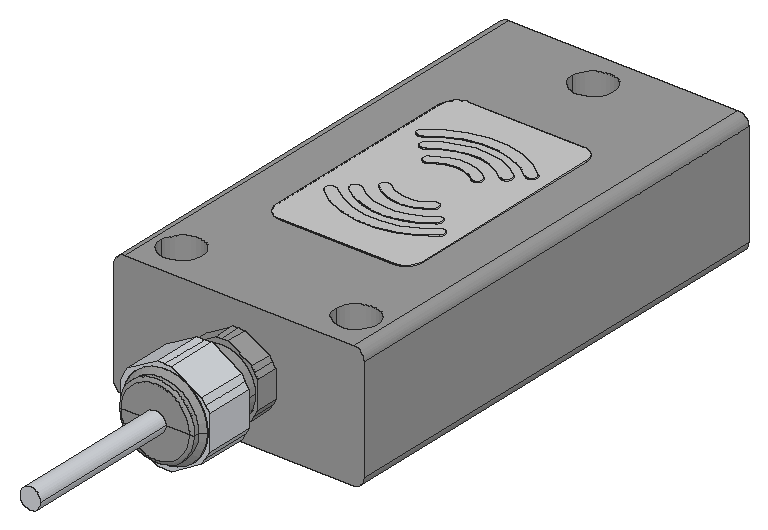
Revit family "Schityvatel-Ekh vzryvozashchishchennyy RD-26 AYaKS", category Датчики, Revit 2023
Family settings
  Размер круглого соединителя = Использовать диаметр
  Тип детали = Нормальный
  Номер OmniClass = 23.85.50.17
  Заголовок OmniClass = Communication and Data Processing Equipment
  На основе рабочей плоскости = Нет
  Всегда вертикально = Да
  При загрузке вырезать с полостями = Нет
  Сохранять ориентацию аннотаций = Нет
  Общий = Нет
  Точка принадлежности помещению = Нет
Parameters (values of type "Считыватель-Ех взрывозащищенный RD-26 АЯКС")
  Чтение идентификаторов = "HID ProxCard II, EM-Marine (для REH),Mifare Ultralight, Mifare Standard (Classic) 1K и 4К, Mifare ID (для RMF)"
  Степень защиты оболочки по ГОСТ 14254 = "IP66/IP67"
  Средний срок службы, лет, не менее = "8"
  Рабочая частота = "125 кГц (для REH), 13,56 МГц (для RMF)"
  Рабочая температура, °C = "от -40 до +60"
  Потребляемы ток, мА = "50"
  Отметка по умолчанию = 0 mm
  Описание = "Считыватель-Ех взрывозащищенный RD-26 АЯКС (далее - считыватель) предназначен для применения в системах безопасности объектов и сетевых системах контроля и управления доступом (СКУД), в качестве устройства считывания бесконтактных идентификаторов."
  Напряжение питания, В = "8 - 18"
  Климатическое исполнение по ГОСТ 15150 = "УХЛ3.1"
  Изготовитель = [ADSK_Завод-изготовитель]  # "ООО НПП «МАГНИТО-КОНТАКТ»"
  Дальность чтения, см = "6-14 (для REH), 3-6 (для RMF)"
  Вставка = Пластик
  Атмосферное давление, кПа = "от 84 до 106.7"
  URL = "https://m-kontakt.ru/produkt/kommutacyonnye/rd_26"
  ADSK_Размер_Ширина = 60 mm
  ADSK_Размер_Длина вывода = 1000 mm
  ADSK_Размер_Длина = 115 mm
  ADSK_Размер_Диаметр = 5.5 mm
  ADSK_Размер_Высота = 30 mm
  ADSK_Примечание = "Считыватель имеет маркировку взрывозащиты по взрывоопасным газовым и пылевым средам РВ Ex mb I Mb X / 1Ex mb IIC T5 Gb X / Ex mb IIIC T80°C Db X или 1Ex mb IIC T5 Gb X / Ex mb IIIC T80°C Db X"
  ADSK_Обозначение = "АТФЕ.425728.210ПС"
  ADSK_Наименование краткое = "Считыватель-Ех взрывозащищенный RD-26 АЯКС"
  ADSK_Наименование = "Считыватель-Ех взрывозащищенный RD-26 АЯКС РВ EX MB I MB X / 1EX MB IIC T5 GB X / EX MB IIIC T80°C DB X ИЛИ 1EX MB IIC T5 GB X / EX MB IIIC T80°C DB X"
  ADSK_Материал = Нержавеющая сталь
  ADSK_Завод-изготовитель = "ООО НПП «МАГНИТО-КОНТАКТ»"  # constant formula
  ADSK_Единица измерения = "шт."  # constant formula
  ADSK_URL документации изделия = ""
Reference planes
  plane 1 "По центру (Вперед/Назад)": y = 0
  plane 2: z = 0
  plane 3 "По центру (Влево/Вправо)": x = 0
Forms (mm)
  Extrusion 1, solid, material "Нержавеющая сталь" <- "ADSK_Материал"
    sketch origin (0, 0, 0) x (1, 0, 0) y (0, 1, 0)
      loop
        line (-30, -57.5) -> (30, -57.5) -> (30, 57.5) -> (-30, 57.5) -> (-30, -57.5)
    from 0 to 30
  Extrusion 2, void
    sketch origin (0, 0, 0) x (1, 0, 0) y (0, 0, 1)
      loop
        line (-30, 30) -> (-30, 27.465)
        arc (-30, 27.465) -> (-29.258, 29.258) -> (-27.465, 30) r 2.535
        line (-27.465, 30) -> (-30, 30)
      loop
        line (30, 30) -> (27.465, 30)
        arc (27.465, 30) -> (29.258, 29.258) -> (30, 27.465) r 2.535
        line (30, 27.465) -> (30, 30)
      loop
        line (-30, 0) -> (-27.465, 0)
        arc (-27.465, 0) -> (-29.258, 0.742) -> (-30, 2.535) r 2.535
        line (-30, 2.535) -> (-30, 0)
      loop
        line (30, 0) -> (30, 2.535)
        arc (30, 2.535) -> (29.258, 0.742) -> (27.465, 0) r 2.535
        line (27.465, 0) -> (30, 0)
    from -57.5 to 57.5
  Extrusion 3, void
    sketch origin (0, 0, 0) x (1, 0, 0) y (0, 1, 0)
      loop
        arc (-13.5, 28.5) -> (-16.328, 27.328) -> (-17.5, 24.5) r 4
        line (-17.5, 24.5) -> (-17.5, -24.5)
        arc (-17.5, -24.5) -> (-16.328, -27.328) -> (-13.5, -28.5) r 4
        line (-13.5, -28.5) -> (13.5, -28.5)
        arc (13.5, -28.5) -> (16.328, -27.328) -> (17.5, -24.5) r 4
        line (17.5, -24.5) -> (17.5, 24.5)
        arc (17.5, 24.5) -> (16.328, 27.328) -> (13.5, 28.5) r 4
        line (13.5, 28.5) -> (-13.5, 28.5)
    from 25 to 30
  Extrusion 4, solid, material "Пластик" <- "Вставка"
    sketch origin (0, 0, 0) x (1, 0, 0) y (0, 1, 0)
      loop
        line (17.5, 0) -> (17.5, 24.5)
        arc (17.5, 24.5) -> (16.328, 27.328) -> (13.5, 28.5) r 4
        line (13.5, 28.5) -> (-13.5, 28.5)
        arc (-13.5, 28.5) -> (-16.328, 27.328) -> (-17.5, 24.5) r 4
        line (-17.5, 24.5) -> (-17.5, -24.5)
        arc (-17.5, -24.5) -> (-16.328, -27.328) -> (-13.5, -28.5) r 4
        line (-13.5, -28.5) -> (13.5, -28.5)
        arc (13.5, -28.5) -> (16.328, -27.328) -> (17.5, -24.5) r 4
        line (17.5, -24.5) -> (17.5, 0)
    from 25 to 30.1
  Extrusion 5, solid, material "Пластик" <- "Вставка", detail levels medium+fine
    sketch origin (0, 0, 0) x (1, 0, 0) y (0, 1, 0)
      loop
        arc (-4.976, 5.611) -> (0, 7.5) -> (4.976, 5.611) r 7.5
        arc (4.976, 5.611) -> (6.741, 5.717) -> (6.635, 7.482) r 1.25
        arc (6.635, 7.482) -> (0, 10) -> (-6.635, 7.482) r 10
        arc (-6.635, 7.482) -> (-6.741, 5.717) -> (-4.976, 5.611) r 1.25
      loop
        arc (-4.976, -5.611) -> (-6.741, -5.717) -> (-6.635, -7.482) r 1.25
        arc (-6.635, -7.482) -> (0, -10) -> (6.635, -7.482) r 10
        arc (6.635, -7.482) -> (6.741, -5.717) -> (4.976, -5.611) r 1.25
        arc (4.976, -5.611) -> (0, -7.5) -> (-4.976, -5.611) r 7.5
      loop
        arc (-8.904, 9.539) -> (0, 12.919) -> (8.904, 9.539) r 13.42
        arc (8.904, 9.539) -> (10.669, 9.645) -> (10.563, 11.41) r 1.25
        arc (10.563, 11.41) -> (0, 15.419) -> (-10.563, 11.41) r 15.92
        arc (-10.563, 11.41) -> (-10.669, 9.645) -> (-8.904, 9.539) r 1.25
      loop
        arc (-8.904, -9.539) -> (-10.669, -9.645) -> (-10.563, -11.41) r 1.25
        arc (-10.563, -11.41) -> (0, -15.419) -> (10.563, -11.41) r 15.92
        arc (10.563, -11.41) -> (10.669, -9.645) -> (8.904, -9.539) r 1.25
        arc (8.904, -9.539) -> (0, -12.919) -> (-8.904, -9.539) r 13.42
      loop
        arc (-12.23, 12.865) -> (0, 17.506) -> (12.23, 12.865) r 18.432
        arc (12.23, 12.865) -> (13.994, 12.971) -> (13.888, 14.735) r 1.25
        arc (13.888, 14.735) -> (0, 20.006) -> (-13.888, 14.735) r 20.932
        arc (-13.888, 14.735) -> (-13.994, 12.971) -> (-12.23, 12.865) r 1.25
      loop
        arc (-12.23, -12.865) -> (-13.994, -12.971) -> (-13.888, -14.735) r 1.25
        arc (-13.888, -14.735) -> (0, -20.006) -> (13.888, -14.735) r 20.932
        arc (13.888, -14.735) -> (13.994, -12.971) -> (12.23, -12.865) r 1.25
        arc (12.23, -12.865) -> (0, -17.506) -> (-12.23, -12.865) r 18.432
    from 30 to 30.2
  Extrusion 6, void
    sketch origin (0, 0, 0) x (1, 0, 0) y (0, 1, 0)
      loop
        circle (0, 48.5) r 5
      loop
        circle (-21, -48.5) r 5
      loop
        circle (21, -48.5) r 5
    from 3 to 30
  Extrusion 7, void
    sketch origin (0, 0, 0) x (1, 0, 0) y (0, 1, 0)
      loop
        circle (0, 48.5) r 2.75
      loop
        circle (-21, -48.5) r 2.75
      loop
        circle (21, -48.5) r 2.75
    from 0 to 31
  Revolve 8, solid, material "Нержавеющая сталь" <- "ADSK_Материал", detail levels medium+fine
    sketch origin (0, 0, 15) x (1, 0, 0) y (0, 1, 0)
      loop
        line (0, -57.5) -> (0, -80.984) -> (0, -82.555) -> (8.158, -82.555)
        arc (8.158, -82.555) -> (8.644, -82.349) -> (9.004, -81.963) r 1.274
        line (9.004, -81.963) -> (9.004, -80.984) -> (10.256, -79.732) -> (10.256, -67.942) -> (9.004, -66.69) -> (8, -66.69) -> (8, -57.5) -> (0, -57.5)
      axis (0, -57.5) -> (0, -82.555)
    angle from 0 to 360
  Extrusion 9, solid, detail levels fine
    sketch origin (0, 0, 0) x (1, 0, 0) y (0, 0, 1)
      loop
        circle (0, 15) r 2.453
    from 82.555 to 120
  Extrusion 10, solid, material "Нержавеющая сталь" <- "ADSK_Материал", detail levels fine
    sketch origin (0, 0, 0) x (1, 0, 0) y (0, 0, 1)
      loop
        line (-1.485, 24.143) -> (-7.365, 20.748) -> (-7.967, 19.514) -> (-8.66, 18.263) -> (-8.66, 11.569) -> (-7.981, 10.392) -> (-7.301, 9.215) -> (-1.429, 5.825) -> (0, 5.825) -> (1.429, 5.825) -> (7.194, 9.153) -> (7.964, 10.488) -> (8.66, 11.694) -> (8.66, 18.393) -> (7.965, 19.598) -> (7.269, 20.803) -> (1.485, 24.143) -> (0, 24.143) -> (-1.485, 24.143)
      loop
        circle (0, 15) r 8
    from 57.5 to 62.753
  Extrusion 11, void
    sketch origin (0, 0, 0) x (1, 0, 0) y (0, 0, 1)
      loop
        circle (0, 15) r 2.453
    from 79.732 to 81.77
  Extrusion 12, solid, detail levels fine
    sketch origin (0, 0, 0) x (1, 0, 0) y (0, 0, 1)
      loop
        circle (0, 15) r 10.256
      loop
        line (-1.732, 26.296) -> (-8.917, 22.148) -> (-9.783, 20.648) -> (-10.649, 19.148) -> (-10.649, 10.852) -> (-9.783, 9.352) -> (-8.917, 7.852) -> (-1.732, 3.704) -> (0, 3.704) -> (1.732, 3.704) -> (8.917, 7.852) -> (9.783, 9.352) -> (10.649, 10.852) -> (10.649, 19.148) -> (9.783, 20.648) -> (8.917, 22.148) -> (1.732, 26.296) -> (0, 26.296) -> (-1.732, 26.296)
    from 67.942 to 79.732
Cuts and joins
  Extrusion 2, Extrusion 3, Extrusion 6, Extrusion 7 cuts Extrusion 1
  Extrusion 11 cuts Extrusion 9
Dimensions and locks
  aligned and locked: level to plane 2
